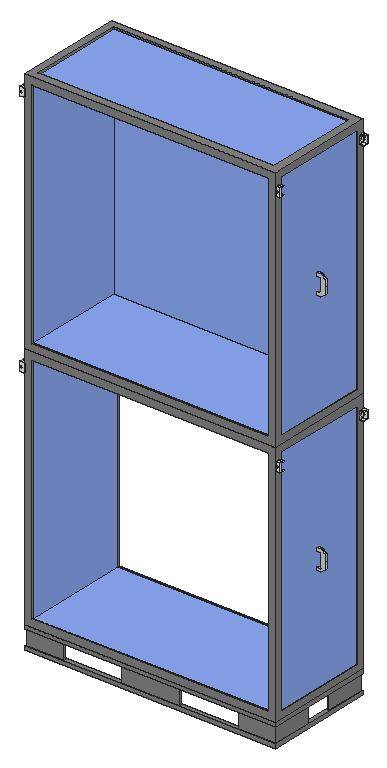
Revit family "16 Разделительная секция ANR S3", category Оборудование, Revit 2016
Family settings
  Тип детали = Нормальный
  Размер круглого соединителя = Использовать диаметр
  На основе рабочей плоскости = Нет
  Всегда вертикально = Да
  При загрузке вырезать с полостями = Нет
  Общий = Нет
  Точка расчета площади = Нет
Parameters (values of type "ANR 8 S3")
  центр = Середина / 2  # 648.25 mm
  Ширина = А1 - 56 mm  # 1244 mm
  Синий = Синий
  Середина = Б / 2  # 1296.5 mm
  Д1 = Д - 20 mm  # 555 mm
  Д = 575 mm
  ножки(да/нет) [instance] = no
  Высота = Б1 - 56 mm  # 1220.5 mm
  Б1 = Середина - 20 mm  # 1276.5 mm
  А1 = А - 20 mm  # 1300 mm
  А = 1320 mm
  высота ножек = 120 mm
  Б = 2593 mm
  Частотный преобразователь [instance] = no
  Частота вращения n, об/мин = ""
  Тип, марка, обозначение = "ANR 8 S3"
  Сила тока J, А = ""
  Регулятор расхода [instance] = no
  Раздел = "ОВ"
  Примечание = ""
  Позиция = ""
  Напряжение U,В = ""
  Наименование и тех.хар-ка = "Секция смешения двухэтажная"  # constant formula
  Мощность двигателя N,Вт = ""
  Материал = Сталь серая
  Масса единицы = ""
  Код, оборудования = ""
  Ключевая пометка = "Вентиляция"
  Задание электрикам [instance] = no
  Задание автоматчикам [instance] = no
  Завод изготовитель = "KORF"  # constant formula
  Единица измерения = "шт."  # constant formula
  h = высота ножек + 10 mm  # 130 mm
Types (6, lengths in mm): name | центр | Ширина | Середина | Д1 | Д | Высота | Б1 | А1 | А | Б | Тип, марка, обозначение
  ANR 6 S3 | 538.25 | 1024 | 1076.5 | 555 | 575 | 1000.5 | 1056.5 | 1080 | 1100 | 2153 | "ANR 6 S3"
  ANR 7 S3 | 648.25 | 1024 | 1296.5 | 555 | 575 | 1220.5 | 1276.5 | 1080 | 1100 | 2593 | "ANR 7 S3"
  ANR 8 S3 | 648.25 | 1244 | 1296.5 | 555 | 575 | 1220.5 | 1276.5 | 1300 | 1320 | 2593 | "ANR 8 S3"
  ANR 12 S3 | 705.75 | 1359 | 1411.5 | 1080 | 1100 | 1335.5 | 1391.5 | 1415 | 1435 | 2823 | "ANR 12 S3"
  ANR 20 S3 | 818.25 | 1584 | 1636.5 | 1080 | 1100 | 1560.5 | 1616.5 | 1640 | 1660 | 3273 | "ANR 20 S3"
  ANR 25 S3 | 1010.75 | 1969 | 2021.5 | 1080 | 1100 | 1945.5 | 2001.5 | 2025 | 2045 | 4043 | "ANR 25 S3"
Reference planes
  plane 1 "По центру (Вперед/Назад)": y = 0
  plane 2: z = 0
  plane 3 "По центру (Влево/Вправо)": x = 0
  plane 4: x = -650
  plane 5: x = 650
  plane 6: y = 277.5
  plane 7: y = -277.5
  plane 8: z = 1406.5
  plane 9: z = 130
  plane 10: y = -70.418
  plane 11: z = 1416.5
  plane 12: x = 700
  plane 13: y = 70.418
  plane 14: z = 120
  plane 15: z = 1306.5
  plane 16: z = 2713
  plane 17: z = 768.25
  plane 18: z = 715.22
  plane 19: z = 2703
  plane 20: z = 1426.5
  plane 21: z = 2603
  plane 22: z = 2064.75
  plane 23: z = 2011.75
Forms (mm)
  Extrusion 1, solid, material "Синий" <- "Синий"
    sketch origin (0, 0, 50) x (1, 0, 0) y (0, 1, 0)
      loop
        line (-650, 277.5) -> (-650, -277.5) -> (650, -277.5) -> (650, 277.5) -> (-650, 277.5)
    from 80 to 1356.5
  Sweep 2, solid, material "Сталь серая" <- "Материал"
    path origin (650, -277.5, 50) x (-1, 0, 0) y (0, 0, -1)
      loop
        line (0, -1356.5) -> (1300, -1356.5) -> (1300, -80) -> (0, -80) -> (0, -1356.5)
    profile "Профиль уголок 10х10 : Профиль уголок 10х10" origin (0, -277.5, 1406.5) x (0, 0, -1) y (0, -1, 0)
      loop
        line (0, -27.5) -> (0, 0) -> (27.5, 0) -> (27.5, 10) -> (-10, 10) -> (-10, -27.5) -> (0, -27.5)
  Sweep 3, solid, material "Сталь серая" <- "Материал"
    path origin (-650, 277.5, 50) x (1, 0, 0) y (0, 0, -1)
      loop
        line (0, -1356.5) -> (1300, -1356.5) -> (1300, -80) -> (0, -80) -> (0, -1356.5)
    profile "Профиль уголок 10х10 : Профиль уголок 10х10" origin (0, 277.5, 1406.5) x (0, 0, -1) y (0, 1, 0)
      loop
        line (0, -27.5) -> (0, 0) -> (27.5, 0) -> (27.5, 10) -> (-10, 10) -> (-10, -27.5) -> (0, -27.5)
  Sweep 4, solid, material "Сталь серая" <- "Материал"
    path origin (650, 277.5, 50) x (0, -1, 0) y (0, 0, -1)
      loop
        line (0, -1356.5) -> (555, -1356.5) -> (555, -80) -> (0, -80) -> (0, -1356.5)
    profile "Профиль уголок 10х10 : Профиль уголок 10х10" origin (650, 0, 1406.5) x (0, 0, -1) y (1, 0, 0)
      loop
        line (0, -27.5) -> (0, 0) -> (27.5, 0) -> (27.5, 10) -> (-10, 10) -> (-10, -27.5) -> (0, -27.5)
  Sweep 5, solid, material "Сталь серая" <- "Материал"
    path origin (-650, -277.5, 50) x (0, 1, 0) y (0, 0, -1)
      loop
        line (0, -1356.5) -> (555, -1356.5) -> (555, -80) -> (0, -80) -> (0, -1356.5)
    profile "Профиль уголок 10х10 : Профиль уголок 10х10" origin (-650, 0, 1406.5) x (0, 0, -1) y (-1, 0, 0)
      loop
        line (0, -27.5) -> (0, 0) -> (27.5, 0) -> (27.5, 10) -> (-10, 10) -> (-10, -27.5) -> (0, -27.5)
  Extrusion 6, void, not visible
    sketch origin (-345, -245, 50) x (0, -1, 0) y (0, 0, -1)
      loop
        line (-477.965, -475) -> (-477.965, -450) -> (-528.913, -450) -> (-528.913, -475) -> (-477.965, -475)
    from -47.452 to 12
  Sweep 7, solid, material "Сталь серая" <- "Материал"
    path origin (0, 0, 0) x (1, 0, 0) y (0, 1, 0)
      loop
        line (-650, 277.5) -> (-650, -277.5) -> (650, -277.5) -> (650, 277.5) -> (-650, 277.5)
    profile "Семейство1 : Семейство1" origin (0, 277.5, 0) x (0, 1, 0) y (0, 0, 1)
      loop
        line (-10, 120) -> (-10, 100) -> (-3.38, 100) -> (-3.38, 20) -> (-10, 20) -> (-10, 0) -> (10, 0) -> (10, 20) -> (3.38, 20) -> (3.38, 100) -> (10, 100) -> (10, 120) -> (-10, 120)
  Extrusion 8, void
    sketch origin (0, 0, 0) x (1, 0, 0) y (0, 0, 1)
      loop
        line (152.369, 100) -> (152.369, 20) -> (458.798, 20) -> (458.798, 100) -> (152.369, 100)
      loop
        line (-152.369, 100) -> (-458.798, 100) -> (-458.798, 20) -> (-152.369, 20) -> (-152.369, 100)
    from -287.5 to 287.5
  Extrusion 9, void
    sketch origin (0, 0, 0) x (0, 1, 0) y (0, 0, 1)
      loop
        line (-70.418, 100) -> (-70.418, 20) -> (70.418, 20) -> (70.418, 100) -> (-70.418, 100)
    from -660 to 1700
  Extrusion 10, solid, material "Синий" <- "Синий"
    sketch origin (0, 0, 1130) x (1, 0, 0) y (0, 1, 0)
      loop
        line (-650, 277.5) -> (-650, -277.5) -> (650, -277.5) -> (650, 277.5) -> (-650, 277.5)
    from 296.5 to 1573
  Sweep 11, solid, material "Сталь серая" <- "Материал"
    path origin (650, -277.5, 1130) x (-1, 0, 0) y (0, 0, -1)
      loop
        line (0, -1573) -> (1300, -1573) -> (1300, -296.5) -> (0, -296.5) -> (0, -1573)
    profile "Профиль уголок 10х10 : Профиль уголок 10х10" origin (0, -277.5, 2703) x (0, 0, -1) y (0, -1, 0)
      loop
        line (0, -27.5) -> (0, 0) -> (27.5, 0) -> (27.5, 10) -> (-10, 10) -> (-10, -27.5) -> (0, -27.5)
  Sweep 12, solid, material "Сталь серая" <- "Материал"
    path origin (-650, 277.5, 1130) x (1, 0, 0) y (0, 0, -1)
      loop
        line (0, -1573) -> (1300, -1573) -> (1300, -296.5) -> (0, -296.5) -> (0, -1573)
    profile "Профиль уголок 10х10 : Профиль уголок 10х10" origin (0, 277.5, 2703) x (0, 0, -1) y (0, 1, 0)
      loop
        line (0, -27.5) -> (0, 0) -> (27.5, 0) -> (27.5, 10) -> (-10, 10) -> (-10, -27.5) -> (0, -27.5)
  Sweep 13, solid, material "Сталь серая" <- "Материал"
    path origin (650, 277.5, 1130) x (0, -1, 0) y (0, 0, -1)
      loop
        line (0, -1573) -> (555, -1573) -> (555, -296.5) -> (0, -296.5) -> (0, -1573)
    profile "Профиль уголок 10х10 : Профиль уголок 10х10" origin (650, 0, 2703) x (0, 0, -1) y (1, 0, 0)
      loop
        line (0, -27.5) -> (0, 0) -> (27.5, 0) -> (27.5, 10) -> (-10, 10) -> (-10, -27.5) -> (0, -27.5)
  Sweep 14, solid, material "Сталь серая" <- "Материал"
    path origin (-650, -277.5, 1130) x (0, 1, 0) y (0, 0, -1)
      loop
        line (0, -1573) -> (555, -1573) -> (555, -296.5) -> (0, -296.5) -> (0, -1573)
    profile "Профиль уголок 10х10 : Профиль уголок 10х10" origin (-650, 0, 2703) x (0, 0, -1) y (-1, 0, 0)
      loop
        line (0, -27.5) -> (0, 0) -> (27.5, 0) -> (27.5, 10) -> (-10, 10) -> (-10, -27.5) -> (0, -27.5)
  Extrusion 15, void
    sketch origin (0, 0, 0) x (1, 0, 0) y (0, 0, 1)
      loop
        line (-622.5, 1379) -> (-622.5, 157.5) -> (622.5, 157.5) -> (622.5, 1379) -> (-622.5, 1379)
    from -277.5 to 277.5
  Extrusion 16, void
    sketch origin (0, 0, 0) x (1, 0, 0) y (0, 0, 1)
      loop
        line (622.5, 2675.5) -> (-622.5, 2675.5) -> (-622.5, 1454) -> (622.5, 1454) -> (622.5, 2675.5)
    from -250 to 277.5
Cuts and joins
  joined: Sweep 2, Sweep 3, Sweep 4, Sweep 5
  Extrusion 8, Extrusion 9 cuts Sweep 7
  joined: Sweep 11, Sweep 12, Sweep 13, Sweep 14
  Extrusion 15 cuts Extrusion 1
  Extrusion 16 cuts Extrusion 10
Lines and regions (mm)
  model lines
    curve 1: line (-650, -277.5, 1406.5) -> (-650, -277.5, 130)
    curve 2: line (-650, -277.5, 130) -> (650, -277.5, 130)
    curve 3: line (650, -277.5, 130) -> (650, -277.5, 1406.5)
    curve 4: line (-650, -277.5, 1406.5) -> (-650, -277.5, 130)
    curve 5: line (-650, -277.5, 130) -> (650, -277.5, 130)
    curve 6: line (650, -277.5, 130) -> (650, -277.5, 1406.5)
    curve 7: line (-650, -277.5, 1406.5) -> (-650, -277.5, 130)
    curve 8: line (-650, -277.5, 130) -> (650, -277.5, 130)
    curve 9: line (650, -277.5, 130) -> (650, -277.5, 1406.5)
    curve 10: line (650, 277.5, 1406.5) -> (650, 277.5, 130)
    curve 11: line (650, 277.5, 130) -> (-650, 277.5, 130)
    curve 12: line (-650, 277.5, 130) -> (-650, 277.5, 1406.5)
    curve 13: line (-650, -277.5, 2703) -> (-650, -277.5, 1426.5)
    curve 14: line (-650, -277.5, 1426.5) -> (650, -277.5, 1426.5)
    curve 15: line (650, -277.5, 1426.5) -> (650, -277.5, 2703)
    curve 16: line (-650, -277.5, 2703) -> (-650, -277.5, 1426.5)
    curve 17: line (-650, -277.5, 1426.5) -> (650, -277.5, 1426.5)
    curve 18: line (650, -277.5, 1426.5) -> (650, -277.5, 2703)
    curve 19: line (-650, -277.5, 2703) -> (-650, -277.5, 1426.5)
    curve 20: line (-650, -277.5, 1426.5) -> (650, -277.5, 1426.5)
    curve 21: line (650, -277.5, 1426.5) -> (650, -277.5, 2703)
    curve 22: line (650, 277.5, 2703) -> (650, 277.5, 1426.5)
    curve 23: line (650, 277.5, 1426.5) -> (-650, 277.5, 1426.5)
    curve 24: line (-650, 277.5, 1426.5) -> (-650, 277.5, 2703)
Dimensions and locks
  equal spacing: plane 6, plane 1 "По центру (Вперед/Назад)", plane 7
  "Д1": plane 6 to plane 7
  equal spacing: plane 4, plane 3 "По центру (Влево/Вправо)", plane 5
  "А1": plane 4 to plane 5
  "h": plane 9 to level
  cut or joined group of Sweep 2, Sweep 3, Sweep 4, Sweep 5 to level = 120 mm
  locked: plane 3 "По центру (Влево/Вправо)" to cut or joined group of Sweep 7, Extrusion 8, Extrusion 9 at 152.369
  locked: cut or joined group of Sweep 7, Extrusion 8, Extrusion 9 to plane 3 "По центру (Влево/Вправо)" at 152.369
  locked: plane 12 to plane 5 at 50
  plane 1 "По центру (Вперед/Назад)" to plane 7 = 277.5 mm
  plane 6 to plane 1 "По центру (Вперед/Назад)" = 277.5 mm
  equal spacing: plane 10, plane 1 "По центру (Вперед/Назад)", plane 13, locked at 70.418 each
  locked: plane 9 to plane 14 at 10
  "Б1": plane 8 to plane 9
  locked: plane 8 to plane 15 at 100
  "Б": plane 16 to plane 14
  "Середина": plane 11 to plane 14
  "центр": plane 17 to plane 14
  locked: plane 17 to plane 18 at 53.03
  "Б1": plane 19 to plane 20
  locked: plane 19 to plane 21 at 100
  locked: plane 20 to plane 8 at 20
  "центр": plane 22 to plane 11
  locked: plane 22 to plane 23 at 53
  cut or joined group of Sweep 11, Sweep 12, Sweep 13, Sweep 14 to Extrusion 10 = 27.5 mm
  aligned and locked: level to plane 2
  aligned and locked: plane 6 to Extrusion 1
  aligned and locked: plane 5 to Extrusion 1
  aligned and locked: Extrusion 1 to plane 7
  aligned and locked: Extrusion 1 to plane 4
  aligned and locked: plane 8 to Extrusion 1
  aligned and locked: Extrusion 1 to plane 9
  aligned and locked: Sweep 4 sketch curve to Extrusion 1  (x2)
  aligned and locked: Sweep 5 sketch curve to Extrusion 1  (x2)
  aligned and locked: Sweep 7 sketch curve to Extrusion 1  (x4)
  aligned and locked: Sweep 7 to Extrusion 8  (x2)
  aligned and locked: cut or joined group of Sweep 2, Sweep 3, Sweep 4, Sweep 5 to Extrusion 9
  aligned and locked: nested 3 to cut or joined group of Sweep 2, Sweep 3, Sweep 4, Sweep 5  (x2)
  aligned and locked: cut or joined group of Sweep 2, Sweep 3, Sweep 4, Sweep 5 to nested 4  (x2)
  aligned and locked: cut or joined group of Sweep 2, Sweep 3, Sweep 4, Sweep 5 to nested 3
  aligned and locked: cut or joined group of Sweep 2, Sweep 3, Sweep 4, Sweep 5 to nested 6
  aligned and locked: nested 5 to cut or joined group of Sweep 2, Sweep 3, Sweep 4, Sweep 5
  aligned and locked: nested 2 to plane 12
  aligned and locked: nested 6 to cut or joined group of Sweep 2, Sweep 3, Sweep 4, Sweep 5
  aligned and locked: cut or joined group of Sweep 2, Sweep 3, Sweep 4, Sweep 5 to nested 5
  aligned and locked: plane 1 "По центру (Вперед/Назад)" to nested 2
  aligned and locked: plane 10 to Extrusion 9 sketch curve
  aligned and locked: plane 13 to Extrusion 9 sketch curve
  aligned and locked: plane 15 to nested 5
  aligned and locked: nested 6 to plane 15
  aligned and locked: nested 3 to plane 15
  aligned and locked: plane 15 to nested 4
  aligned and locked: nested 2 to plane 18
  aligned and locked: plane 19 to Extrusion 10
  aligned and locked: Extrusion 10 to plane 20
  aligned and locked: Sweep 13 sketch curve to Extrusion 10  (x2)
  aligned and locked: Sweep 14 sketch curve to Extrusion 10  (x2)
  aligned and locked: plane 21 to nested 10
  aligned and locked: nested 11 to plane 21
  aligned and locked: nested 8 to plane 21
  aligned and locked: plane 21 to nested 9
  aligned and locked: nested 7 to plane 12
  aligned and locked: nested 7 to plane 23
  aligned and locked: nested 11 to cut or joined group of Sweep 11, Sweep 12, Sweep 13, Sweep 14  (x2)
  aligned and locked: cut or joined group of Sweep 11, Sweep 12, Sweep 13, Sweep 14 to nested 10  (x2)
  aligned and locked: nested 8 to cut or joined group of Sweep 11, Sweep 12, Sweep 13, Sweep 14  (x2)
  aligned and locked: cut or joined group of Sweep 11, Sweep 12, Sweep 13, Sweep 14 to nested 9  (x2)
  aligned and locked: Extrusion 15 to cut or joined group of Sweep 2, Sweep 3, Sweep 4, Sweep 5  (x2)
  aligned and locked: cut or joined group of Sweep 2, Sweep 3, Sweep 4, Sweep 5 to Extrusion 15
  aligned and locked: Extrusion 1 to Extrusion 15  (x2)
  aligned and locked: Extrusion 16 to cut or joined group of Sweep 2, Sweep 3, Sweep 4, Sweep 5  (x2)
  aligned and locked: cut or joined group of Sweep 11, Sweep 12, Sweep 13, Sweep 14 to Extrusion 16
  aligned and locked: cut or joined group of Sweep 2, Sweep 3, Sweep 4, Sweep 5 to Extrusion 16
  aligned and locked: Extrusion 16 to cut or joined group of Sweep 11, Sweep 12, Sweep 13, Sweep 14
  aligned and locked: Extrusion 16 to plane 7
Automatic sketch dimensions
  Extrusion 6 sketch curve to Extrusion 6 sketch curve = 50.949 mm
  Extrusion 6 sketch curve to Extrusion 6 sketch curve = 25 mm
  Extrusion 1 sketch curve to plane 4 = 0 mm
  Extrusion 1 sketch curve to plane 5 = 0 mm
  Extrusion 1 sketch curve to plane 7 = 0 mm
  Extrusion 1 sketch curve to plane 6 = 0 mm
  curve 5 to Extrusion 1 = 0 mm  (x3)
  curve 1 to Extrusion 1 = 0 mm
  curve 6 to Extrusion 1 = 0 mm
  Sweep 2 sketch curve to Extrusion 1 = 0 mm  (x4)
  curve 12 to Extrusion 1 = 0 mm  (x3)
  curve 11 to Extrusion 1 = 0 mm
  curve 10 to Extrusion 1 = 0 mm
  Sweep 3 sketch curve to Extrusion 1 = 0 mm  (x3)
  Extrusion 1 to Sweep 3 sketch curve = 0 mm
  Sweep 4 sketch curve to Extrusion 1 = 0 mm  (x2)
  Sweep 5 sketch curve to Extrusion 1 = 0 mm  (x2)
  plane 14 to Extrusion 8 sketch curve = 20 mm  (x2)
  plane 4 to Extrusion 8 sketch curve = 191.202 mm
  level to Extrusion 8 sketch curve = 20 mm  (x2)
  Extrusion 8 sketch curve to plane 3 "По центру (Влево/Вправо)" = 152.369 mm
  plane 3 "По центру (Влево/Вправо)" to Extrusion 8 sketch curve = 152.369 mm
  Extrusion 8 sketch curve to plane 5 = 191.202 mm
  level to Extrusion 9 sketch curve = 20 mm
  plane 14 to Extrusion 9 sketch curve = 20 mm
  Extrusion 10 sketch curve to plane 4 = 0 mm
  Extrusion 10 sketch curve to plane 5 = 0 mm
  Extrusion 10 sketch curve to plane 7 = 0 mm
  Extrusion 10 sketch curve to plane 6 = 0 mm
  curve 17 to Extrusion 10 = 0 mm  (x3)
  curve 13 to Extrusion 10 = 0 mm
  curve 18 to Extrusion 10 = 0 mm
  Sweep 11 sketch curve to Extrusion 10 = 0 mm  (x4)
  curve 24 to Extrusion 10 = 0 mm  (x3)
  curve 23 to Extrusion 10 = 0 mm
  curve 22 to Extrusion 10 = 0 mm
  Sweep 12 sketch curve to Extrusion 10 = 0 mm  (x3)
  Extrusion 10 to Sweep 12 sketch curve = 0 mm
  Sweep 13 sketch curve to Extrusion 10 = 0 mm  (x2)
  Sweep 14 sketch curve to Extrusion 10 = 0 mm  (x2)
  plane 4 to Extrusion 15 sketch curve = 27.5 mm
  Extrusion 15 sketch curve to plane 5 = 27.5 mm
  plane 9 to Extrusion 15 sketch curve = 27.5 mm
  plane 15 to Extrusion 15 sketch curve = 72.5 mm
  plane 4 to Extrusion 16 sketch curve = 27.5 mm
  Extrusion 16 sketch curve to plane 5 = 27.5 mm
  plane 20 to Extrusion 16 sketch curve = 27.5 mm
  plane 21 to Extrusion 16 sketch curve = 72.5 mm
Nested families
  nested 1: "крепление 15мм" at (-330, 229.965, 495), type "крепление 15мм", not visible
  nested 2: "Ручка" at (662.018, -10, 772.928), type "Ручка"
  nested 3: "крепеж" at (684.5, -287.5, 1306.5) x (-1, 0, 0) z (0, 0, 1), type "крепеж"
  nested 4: "крепеж" at (684.5, 287.5, 1306.5) x (-1, 0, 0) z (0, 0, 1), type "крепеж"
  nested 5: "крепеж" at (-684.5, -287.5, 1306.5), type "крепеж"
  nested 6: "крепеж" at (-684.5, 287.5, 1306.5), type "крепеж"
  nested 7: "Ручка" at (662.018, -10, 2069.458), type "Ручка"
  nested 8: "крепеж" at (684.5, -287.5, 2603) x (-1, 0, 0) z (0, 0, 1), type "крепеж"
  nested 9: "крепеж" at (684.5, 287.5, 2603) x (-1, 0, 0) z (0, 0, 1), type "крепеж"
  nested 10: "крепеж" at (-684.5, -287.5, 2603), type "крепеж"
  nested 11: "крепеж" at (-684.5, 287.5, 2603), type "крепеж"
Connectors
  hvac at (0, -287.5, 768.25), driven by "Ширина", driven by "Высота"
    settings: on cut or joined group of Sweep 2, Sweep 3, Sweep 4, Sweep 5, index 1, duct flow 0.0 L/s, flow factor 0, pres drop 0.0 Pa, loss coef 0, conn angle 0.00°, conn width 1244 mm, conn height 1220.5 mm, conn diameter 609.6 mm, duct sys type 28, conn prof type 1, flow config 0, flow direction 0, loss method 0, conn ref index 4, conn util no, is conn primary yes, conn desc ""
  hvac at (0, 287.5, 2064.75), driven by "Ширина", driven by "Высота"
    settings: on cut or joined group of Sweep 11, Sweep 12, Sweep 13, Sweep 14, index 3, duct flow 0.0 L/s, flow factor 0, pres drop 0.0 Pa, loss coef 0, conn angle 0.00°, conn width 1244 mm, conn height 1220.5 mm, conn diameter 609.6 mm, duct sys type 28, conn prof type 1, flow config 0, flow direction 0, loss method 0, conn ref index -1, conn util no, is conn primary no, conn desc ""
  hvac at (0, 287.5, 768.25), driven by "Ширина", driven by "Высота"
    settings: on cut or joined group of Sweep 2, Sweep 3, Sweep 4, Sweep 5, index 4, duct flow 0.0 L/s, flow factor 0, pres drop 0.0 Pa, loss coef 0, conn angle 0.00°, conn width 1244 mm, conn height 1220.5 mm, conn diameter 609.6 mm, duct sys type 28, conn prof type 1, flow config 0, flow direction 0, loss method 0, conn ref index 1, conn util no, is conn primary no, conn desc ""
Definition of nested family "крепление 15мм"
  Parameters (values of type "крепление 15мм")
    Материал крепления = none
  Reference planes
    plane 1 "По центру (Вперед/Назад)": y = 0
    plane 2: z = 0
    plane 3 "По центру (Влево/Вправо)": x = 0
  Forms (mm)
    Extrusion 1, solid, material <- "Материал крепления"
      sketch origin (0, 0, 0) x (1, 0, 0) y (0, 1, 0)
        loop
          line (-25, 0) -> (0, 0) -> (0, 18.31) -> (0, 25) -> (-3, 25) -> (-3, 3) -> (-25, 3) -> (-25, 0)
      from 0 to 30
    Extrusion 2, void
      sketch origin (0, 0, 0) x (1, 0, 0) y (0, 1, 0)
        loop
          line (-3, 3) -> (-3, 54.96) -> (-58, 54.96) -> (-58, 3) -> (-3, 3)
      from 0 to 15
  Cuts and joins
    Extrusion 2 cuts Extrusion 1
  Dimensions and locks
    Extrusion 1 sketch curve to Extrusion 1 sketch curve = 3 mm  (x2)
    Extrusion 1 sketch curve to Extrusion 1 sketch curve to plane 3 "По центру (Влево/Вправо)" = 25 mm, 0 mm
    Extrusion 1 sketch curve to Extrusion 1 sketch curve = 25 mm
    aligned and locked: level to plane 2
Definition of nested family "Ручка"
  Parameters (values of type "Ручка")
    материал ручки = none
  Reference planes
    plane 1 "По центру (Вперед/Назад)": y = 0
    plane 2: z = 0
    plane 3 "По центру (Влево/Вправо)": x = 0
    plane 4: x = -37.982
    plane 5: x = 37.982
  Forms (mm)
    Extrusion 1, solid, material <- "материал ручки", not visible
      sketch origin (-3.982, 0, -4.834) x (0, 0, 1) y (-1, 0, 0)
        loop
          line (-52.874, -42.815) -> (53.726, -42.815) -> (53.726, 8.783) -> (36.069, 34) -> (1.069, 34) -> (-36.069, 34) -> (-52.874, 10) -> (-52.874, -42.815)
      from 0 to 10
    Extrusion 2, void, not visible
      sketch origin (-3.982, 0, -4.834) x (0, 0, 1) y (-1, 0, 0)
        loop
          line (-37.219, -42.815) -> (37.781, -42.815) -> (37.781, 20.04) -> (-37.219, 20.04) -> (-37.219, -42.815)
      from 0 to 50
    Extrusion 3, solid, material <- "материал ручки"
      sketch origin (3.982, 0, -4.834) x (0, 0, 1) y (-1, 0, 0)
        loop
          line (-52.874, 42.815) -> (-52.874, -10) -> (-36.069, -34) -> (1.069, -34) -> (36.069, -34) -> (53.726, -8.783) -> (53.726, 42.815) -> (-52.874, 42.815)
      from 0 to 10
    Extrusion 4, void
      sketch origin (3.982, 0, -4.834) x (0, 0, 1) y (-1, 0, 0)
        loop
          line (-37.219, 42.815) -> (-37.219, -11.018) -> (37.781, -11.018) -> (37.781, 42.815) -> (-37.219, 42.815)
      from 0 to 50
  Cuts and joins
    Extrusion 4 cuts Extrusion 3
  Dimensions and locks
    aligned and locked: level to plane 2
Definition of nested family "крепеж"
  Parameters (values of type "крепеж")
    Материал крепежа = none
  Reference planes
    plane 1 "По центру (Вперед/Назад)": y = 0
    plane 2: z = 0
    plane 3 "По центру (Влево/Вправо)": x = 0
    plane 4: x = 24.5
    plane 5: z = 22.413
  Forms (mm)
    Extrusion 1, solid, material <- "Материал крепежа"
      sketch origin (0, 0, 0) x (0, 1, 0) y (0, 0, 1)
        loop
          line (0, 44.825) -> (-16.343, 44.825) -> (-24.468, 44.825) -> (-24.468, 42.95) -> (-1.968, 42.95) -> (-1.968, 1.657) -> (-24.468, 1.657) -> (-24.468, 0) -> (-16.343, 0) -> (0, 0) -> (0, 44.825)
      from 0 to 24.5
    Extrusion 2, void
      sketch origin (0.625, 0, -0.625) x (1, 0, 0) y (0, 0, 1)
        loop
          circle (11.121, 22.873) r 5
      from 0 to 250
    Extrusion 3, solid, material <- "Материал крепежа"
      sketch origin (0, 0, 0.175) x (1, 0, 0) y (0, 0, 1)
        loop
          line (24.5, 44.651) -> (22.651, 44.651) -> (22.651, -0.175) -> (24.5, -0.175) -> (24.5, 44.651)
      from 0 to 24.468
    Extrusion 4, void
      sketch origin (0, 0, 0) x (0, 1, 0) y (0, 0, 1)
        loop
          line (-24.468, 28.943) -> (-24.468, 15.882) -> (-9.468, 15.882) -> (-9.468, 28.943) -> (-24.468, 28.943)
      from 0 to 250
    Blend 5, solid
      base sketch origin (0, 0, 0) x (0, 1, 0) y (0, 0, 1)
        loop
          circle (-15.104, 36.823) r 4.161
      top sketch origin (0, 0, 0) x (0, 1, 0) y (0, 0, 1)
        loop
          circle (-15.104, 36.823) r 2.994
      from 22.651 to 19.241
    Blend 6, solid
      base sketch origin (0, 0, 44.825) x (0, 1, 0) y (0, 0, 1)
        loop
          circle (-15.104, -36.823) r 4.161
      top sketch origin (0, 0, 44.825) x (0, 1, 0) y (0, 0, 1)
        loop
          circle (-15.104, -36.823) r 2.994
      from 22.651 to 19.241
  Cuts and joins
    Extrusion 2, Extrusion 4 cuts Extrusion 1
    Extrusion 4 cuts Extrusion 3
    joined: Extrusion 1, Extrusion 3
  Dimensions and locks
    plane 3 "По центру (Влево/Вправо)" to plane 4 = 24.5 mm
    equal spacing: cut or joined group of Extrusion 1, Extrusion 2, Extrusion 3, Extrusion 4, plane 5, cut or joined group of Extrusion 1, Extrusion 2, Extrusion 3, Extrusion 4
    equal spacing: Extrusion 4 sketch curve, plane 5, Extrusion 4 sketch curve
    aligned and locked: level to plane 2
    aligned and locked: plane 4 to Extrusion 1
    aligned and locked: cut or joined group of Extrusion 1, Extrusion 2, Extrusion 3, Extrusion 4 to cut or joined group of Extrusion 1, Extrusion 2, Extrusion 3, Extrusion 4  (x3)
    aligned and locked: cut or joined group of Extrusion 1, Extrusion 2, Extrusion 3, Extrusion 4 to Blend 5
  Automatic sketch dimensions
    Extrusion 1 sketch curve to level = 0 mm
    Extrusion 1 sketch curve to plane 1 "По центру (Вперед/Назад)" = 0 mm
    plane 1 "По центру (Вперед/Назад)" to Extrusion 1 sketch curve = 1.968 mm
    Extrusion 1 sketch curve to Extrusion 1 sketch curve = 14.375 mm  (x2)
    level to Extrusion 1 sketch curve = 1.657 mm
    Extrusion 1 sketch curve to Extrusion 1 sketch curve = 8.125 mm  (x2)
    plane 5 to Extrusion 1 sketch curve = 20.538 mm
    Extrusion 1 sketch curve to Extrusion 1 sketch curve = 1.875 mm
    Extrusion 2 sketch curve to plane 5 = 0.165 mm
    plane 3 "По центру (Влево/Вправо)" to Extrusion 2 sketch curve = 11.746 mm
    Extrusion 3 sketch curve to level = 0 mm
    Extrusion 3 sketch curve to plane 4 = 0 mm
    Extrusion 3 sketch curve to Extrusion 3 sketch curve = 1.849 mm
    plane 5 to Extrusion 3 sketch curve = 22.413 mm
    Extrusion 4 sketch curve to plane 5 = 6.531 mm
    plane 1 "По центру (Вперед/Назад)" to Extrusion 4 sketch curve = 24.468 mm
    plane 1 "По центру (Вперед/Назад)" to Extrusion 4 sketch curve = 9.468 mm
    plane 1 "По центру (Вперед/Назад)" to Blend 5 sketch curve = 15.104 mm  (x2)
    plane 5 to Blend 5 sketch curve = 14.41 mm  (x2)
    Blend 6 sketch curve to plane 1 "По центру (Вперед/Назад)" = 15.104 mm  (x2)
    Blend 6 sketch curve to level = 8.002 mm  (x2)
    radius of Extrusion 2 sketch curve = 5 mm
    radius of Blend 5 sketch curve = 4.161 mm
    radius of Blend 5 sketch curve = 2.994 mm
    radius of Blend 6 sketch curve = 4.161 mm
    radius of Blend 6 sketch curve = 2.994 mm
